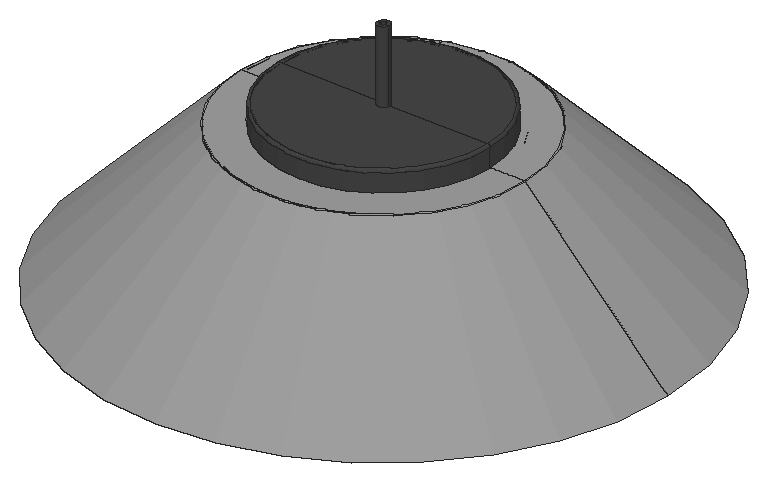
Revit family "ORCHID - MD024", category Generic Models, Revit 2018
Family settings
  Can host rebar = No
  Round Connector Dimension = Use Diameter
  Part Type = Normal
  Work Plane-Based = No
  Always vertical = Yes
  Cut with Voids When Loaded = No
  Shared = No
  Room Calculation Point = No
Parameters
  STEM = BLACK PAINT
  SHADE SPINNING = #56 SILVER PAINT
  LENS = Glass
  HUB = BLACK PAINT
  BOTTOM SPINNING = BLACK PAINT
Reference planes (in)
  plane 1 "Center (Front/Back)": y = 0
  plane 2: z = 0
  plane 3 "Center (Left/Right)": x = 0
Forms (in)
  Revolve 1, solid, material "BLACK PAINT" <- "STEM"
    sketch origin (0, 0, 0) x (1, 0, 0) y (0, 0, 1)
      loop
        line (-0.25, 9.2187) -> (-0.125, 9.2187) -> (-0.125, 12.7187) -> (-0.25, 12.7187) -> (-0.25, 9.2187)
      axis (0, 9.2187) -> (0, 12.7187)
    angle from 0 to 360
  Revolve 2, solid, material "BLACK PAINT" <- "HUB"
    sketch origin (0, 0, 0) x (1, 0, 0) y (0, 0, 1)
      loop
        line (-0.25, 9.6387) -> (-0.25, 9.7187) -> (-4.39, 9.7187)
        arc (-4.39, 9.7187) -> (-4.46778, 9.68648) -> (-4.5, 9.6087) r 0.11
        line (-4.5, 9.6087) -> (-4.5, 8.795) -> (-4.78, 8.795) -> (-4.78, 8.715) -> (-4.5, 8.715)
        arc (-4.5, 8.715) -> (-4.44343, 8.73843) -> (-4.42, 8.795) r 0.08
        line (-4.42, 8.795) -> (-4.42, 9.6087)
        arc (-4.42, 9.6087) -> (-4.41121, 9.62991) -> (-4.39, 9.6387) r 0.03
        line (-4.39, 9.6387) -> (-0.25, 9.6387)
      axis (0, 8.715) -> (0, 9.7187)
    angle from 0 to 360
  Revolve 3, solid, material "#56 SILVER PAINT" <- "SHADE SPINNING"
    sketch origin (0, 0, 0) x (1, 0, 0) y (0, 0, 1)
      loop
        line (-5.96686, 8.795) -> (-4.78, 8.795) -> (-4.53, 8.795) -> (-4.53, 8.875) -> (-5.97411, 8.875)
        arc (-5.97411, 8.875) -> (-5.99803, 8.87024) -> (-6.01831, 8.85669) r 0.0625
        line (-6.01831, 8.85669) -> (-12, 2.875) -> (-11.88686, 2.875) -> (-5.96686, 8.795)
      axis (0, 2.875) -> (0, 8.875)
    angle from 0 to 360
  Revolve 4, solid, material "BLACK PAINT" <- "BOTTOM SPINNING"
    sketch origin (0, 0, 0) x (1, 0, 0) y (0, 0, 1)
      loop
        line (-6.76864, 1) -> (-6.76864, 1.08) -> (-7.14364, 1.08) -> (-9.62021, 3.55657) -> (-9.67678, 3.5) -> (-7.21339, 1.03661)
        arc (-7.21339, 1.03661) -> (-7.17284, 1.00952) -> (-7.125, 1) r 0.125
        line (-7.125, 1) -> (-6.76864, 1)
      axis (0, 1) -> (0, 3.55657)
    angle from 0 to 360
  Revolve 5, solid, material "Glass" <- "LENS"
    sketch origin (0, 0, 0) x (1, 0, 0) y (0, 0, 1)
      loop
        line (0, 1.08) -> (0, 1.1425) -> (-7, 1.1425) -> (-7, 1.08) -> (0, 1.08)
      axis (0, 1.08) -> (0, 1.1425)
    angle from 0 to 360
Dimensions and locks (in)
  aligned and locked: plane 2 to level
